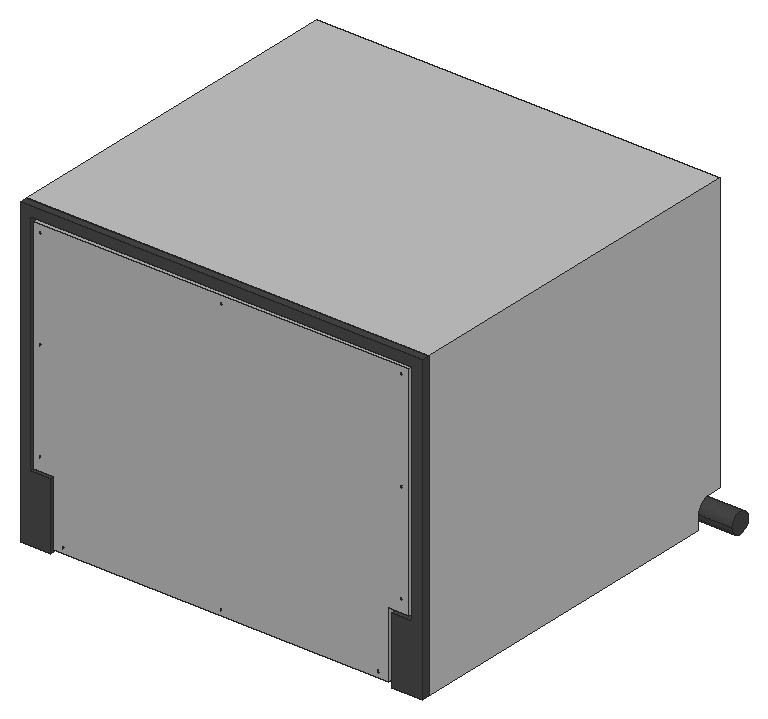
Revit family "FP_Revit_18_DD24SHTI9_N_DishDrawer_90000882A", category Specialty Equipment, Revit 2018
Family settings
  Round Connector Dimension = Use Diameter
  Part Type = Normal
  OmniClass Number = 23.40.40.14.31
  OmniClass Title = Cleaning and Disposal Equipment
  Work Plane-Based = No
  Always vertical = Yes
  Cut with Voids When Loaded = Yes
  Shared = No
  Room Calculation Point = No
Parameters (values of type "DD24SHTI9")
  Visibility - Handle = no
  Visibility - Door Panel = no
  Visibility - Clearance Required = yes
  URL = "www.fisherpaykel.com"
  Product - Width = 599 mm  # constant formula
  Product - Height = 454 mm  # constant formula
  Product - Depth = 553 mm  # constant formula
  Model = "DD24SHTI9"
  Material - Trim = Fisher & Paykel - Black
  Material - Door Structure = Fisher & Paykel - Aluminium
  Material - Door Front = Fisher & Paykel - Stainless Steel
  Material - Body = Fisher & Paykel - Grey
  Manufacturer = "Fisher & Paykel Appliances"
  FFL Offset [instance] = 406 mm
  Description = "Integrated Single DishDrawer"
  Connector Description - Water = "Supplied hose to suit 3⁄8” (9 mm) male compression fitting"
  Connector Description - Sanitary = "Drain Hose, No Fitting Required"
  Connector Description - Electrical = "110-120V, 15 A, fused electrical supply"
  Cavity - Width = 600 mm  # constant formula
  Cavity - Height = 456 mm  # constant formula
  Cavity - Depth = 560 mm  # constant formula
Types (3, lengths in mm): name | Model
  (no name) | "DD24SHTI9"
  DD24STI9 | "DD24STI9"
  DD24SHTI9 | "DD24SHTI9"
Reference planes
  plane 1 "Datum": y = 0
  plane 2: z = 0
  plane 3 "Center (Left/Right)": x = 0
  plane 4: z = 0
  plane 5 "Product LHS": x = -299.5
  plane 6 "Product RHS": x = 299.5
  plane 7 "Product - Depth": y = 553
  plane 8 "Cavity LHS": x = -300
  plane 9 "Cavity RHS": x = 300
  plane 10 "Cavity - Depth": y = 560
  plane 11 "Product Height": z = 860
  plane 12 "Cavity - Height": z = 862
  plane 13 "FFL Offset": z = 406
  plane 14 "Door Front": y = -18
Forms (mm)
  Extrusion 1, solid, material "Fisher & Paykel - Grey" <- "Material - Body"
    sketch origin (0, 0, 0) x (0, 1, 0) y (0, 0, 1)
      loop
        line (12, 860) -> (12, 406) -> (513, 406) -> (513, 426)
        arc (513, 426) -> (518.858, 440.142) -> (533, 446) r 20
        line (533, 446) -> (553, 446) -> (553, 860) -> (12, 860)
    from -299.5 to 299.5
  Extrusion 2, solid, material "Fisher & Paykel - Aluminium" <- "Material - Door Structure", detail levels fine
    sketch origin (0, 0, 0) x (1, 0, 0) y (0, 0, 1)
      loop
        line (-279.5, 840) -> (-279.5, 511) -> (-249.5, 511) -> (-249.5, 412.713) -> (249.5, 412.713) -> (249.5, 511) -> (279.5, 511) -> (279.5, 840) -> (-279.5, 840)
      loop
        circle (-269.5, 680) r 1.502
      loop
        circle (-234.5, 421) r 1.5
      loop
        circle (-269.5, 530) r 1.5
      loop
        circle (-269.5, 830) r 1.5
      loop
        circle (0, 830) r 1.5
      loop
        circle (269.5, 680) r 1.502
      loop
        circle (269.5, 530) r 1.5
      loop
        circle (269.5, 830) r 1.5
      loop
        circle (0, 421) r 1.5
      loop
        circle (234.5, 421) r 1.5
    from -12 to 0
  Sweep 3, solid, material "Fisher & Paykel - Black", detail levels medium+fine
    path origin (0, 539.813, 406) x (1, 0, 0) y (0, 0, 1)
      loop
        line (-119.5, 75) -> (-119.5, 45.438)
        arc (-119.5, 45.438) -> (-125.358, 31.295) -> (-139.5, 25.437) r 20
        line (-139.5, 25.437) -> (-349.5, 25.437)
    profile origin (-119.5, 539.813, 466.219) x (0, -1, 0) y (1, 0, 0)
      loop
        circle (0, 0) r 9
  Extrusion 4, solid, material "Fisher & Paykel - Clearance Required", visible <- "Visibility - Clearance Required", detail levels coarse
    sketch origin (0, 0, 0) x (0, 1, 0) y (0, 0, 1)
      loop
        line (-18, 406) -> (-18, 860) -> (-545, 860) -> (-545, 820.3) -> (-587, 820.3) -> (-587, 804.3) -> (-545, 804.3) -> (-545, 406) -> (-18, 406)
    from -300 to 300
  Extrusion 5, solid, material "Fisher & Paykel - Clearance Required", visible <- "Visibility - Clearance Required", detail levels coarse
    sketch origin (0, 0, 0) x (1, 0, 0) y (0, 1, 0)
      loop
        line (300, 560) -> (-300, 560) -> (-300, 0) -> (300, 0) -> (300, 560)
    from 406 to 862
  Extrusion 6, solid, material "Fisher & Paykel - Black" <- "Material - Trim"
    sketch origin (0, 0, 0) x (1, 0, 0) y (0, 0, 1)
      loop
        line (-299.5, 860) -> (-299.5, 406) -> (-254.5, 406) -> (-254.5, 506) -> (-283.999, 506) -> (-283.999, 845) -> (284, 845) -> (284, 506) -> (254.5, 506) -> (254.5, 406) -> (299.5, 406) -> (299.5, 860) -> (-299.5, 860)
    from -12 to 0
  Sweep 7, solid, material "Fisher & Paykel - Black", detail levels medium+fine
    path origin (0, 0, 0) x (1, 0, 0) y (0, 1, 0)
      loop
        line (199.5, 513) -> (199.5, 514)
        arc (199.5, 514) -> (204.04, 524.96) -> (215, 529.5) r 15.5
        line (215, 529.5) -> (349.5, 529.5)
    profile origin (199.5, 513.5, 0) x (-1, 0, 0) y (0, 0, 1)
      loop
        circle (0, 427) r 15
  Sweep 8, solid, material "Fisher & Paykel - Black", detail levels medium+fine
    path origin (0, 0, 0) x (1, 0, 0) y (0, 1, 0)
      loop
        line (-33.982, 513) -> (-33.982, 516.982)
        arc (-33.982, 516.982) -> (-35.886, 521.579) -> (-40.482, 523.482) r 6.5
        line (-40.482, 523.482) -> (-349.5, 523.482)
    profile origin (-194.991, 523.482, 0) x (0, -1, 0) y (0, 0, 1)
      loop
        circle (0, 417.016) r 4
  Sweep 9, solid, material "Fisher & Paykel - Black", detail levels medium+fine
    path origin (0, 0, 0) x (1, 0, 0) y (0, 1, 0)
      loop
        line (-349.5, 522.999) -> (-215.482, 522.999)
        arc (-215.482, 522.999) -> (-211.239, 521.242) -> (-209.482, 516.999) r 6
        line (-209.482, 516.999) -> (-209.482, 513)
    profile origin (-209.482, 514.999, 0) x (1, 0, 0) y (0, 0, 1)
      loop
        circle (0, 426.938) r 5
  Extrusion 10, solid, material "Fisher & Paykel - Black", detail levels fine
    sketch origin (0, 0, 406) x (1, 0, 0) y (0, 0, 1)
      loop
        line (-27.5, 18) -> (-41.5, 18) -> (-41.5, 4) -> (-27.5, 4) -> (-27.5, 18)
    from -518 to -513
  Extrusion 11, void
    sketch origin (0, 0, 0) x (1, 0, 0) y (0, 1, 0)
      loop
        line (-300, 560) -> (-300, -18) -> (300, -18) -> (300, 560) -> (-300, 560)
    from 406 to 862
  Extrusion 12, solid, material "Fisher & Paykel - Stainless Steel" <- "Material - Door Front", visible <- "Visibility - Door Panel"
    sketch origin (0, 0, 0) x (1, 0, 0) y (0, 1, 0)
      loop
        line (297.5, 0) -> (-297.5, 0) -> (-297.5, -18) -> (297.5, -18) -> (297.5, 0)
    from 408 to 860
  Extrusion 13, void
    sketch origin (0, 0, 0) x (1, 0, 0) y (0, 0, 1)
      loop
        line (-9.5, 511) -> (-229.5, 511) -> (-229.5, 446) -> (-9.5, 446) -> (-9.5, 511)
    from -553 to -550
  Sweep 14, solid, material "Fisher & Paykel - Black", not visible, detail levels medium+fine
    path origin (0, 539.813, 1000) x (1, 0, 0) y (0, 0, 1)
      loop
        line (-119.5, 75) -> (-119.5, 45.438)
        arc (-119.5, 45.438) -> (-125.358, 31.295) -> (-139.5, 25.437) r 20
        line (-139.5, 25.437) -> (-349.5, 25.437)
    profile origin (-119.5, 539.813, 1060.219) x (0, -1, 0) y (1, 0, 0)
      loop
        circle (0, 0) r 9
  Sweep 15, solid, material "Fisher & Paykel - Black", not visible, detail levels medium+fine
    path origin (0, 0, 594) x (1, 0, 0) y (0, 1, 0)
      loop
        line (199.5, 513) -> (199.5, 514)
        arc (199.5, 514) -> (204.04, 524.96) -> (215, 529.5) r 15.5
        line (215, 529.5) -> (349.5, 529.5)
    profile origin (199.5, 513.5, 594) x (-1, 0, 0) y (0, 0, 1)
      loop
        circle (0, 427) r 15
  Sweep 16, solid, material "Fisher & Paykel - Black", not visible, detail levels medium+fine
    path origin (0, 0, 594) x (1, 0, 0) y (0, 1, 0)
      loop
        line (-33.982, 513) -> (-33.982, 516.982)
        arc (-33.982, 516.982) -> (-35.886, 521.579) -> (-40.482, 523.482) r 6.5
        line (-40.482, 523.482) -> (-349.5, 523.482)
    profile origin (-194.991, 523.482, 594) x (0, -1, 0) y (0, 0, 1)
      loop
        circle (0, 417.016) r 4
  Sweep 17, solid, material "Fisher & Paykel - Black", not visible, detail levels medium+fine
    path origin (0, 0, 594) x (1, 0, 0) y (0, 1, 0)
      loop
        line (-349.5, 522.999) -> (-215.482, 522.999)
        arc (-215.482, 522.999) -> (-211.239, 521.242) -> (-209.482, 516.999) r 6
        line (-209.482, 516.999) -> (-209.482, 513)
    profile origin (-209.482, 514.999, 594) x (1, 0, 0) y (0, 0, 1)
      loop
        circle (0, 426.938) r 5
  Extrusion 18, solid, material "Fisher & Paykel - Black", not visible, detail levels fine
    sketch origin (0, 0, 1000) x (1, 0, 0) y (0, 0, 1)
      loop
        line (-27.5, 18) -> (-41.5, 18) -> (-41.5, 4) -> (-27.5, 4) -> (-27.5, 18)
    from -518 to -513
Cuts and joins
  Extrusion 13 cuts Extrusion 2
  Extrusion 13 cuts Extrusion 4
  Extrusion 13 cuts Extrusion 12
  Extrusion 13 cuts Extrusion 1
Lines and regions (mm)
  model lines, style "Fisher & Paykel"
    curve 1: line (-297.5, 0, 860) -> (297.5, 0, 860)
    curve 2: line (-297.5, 0, 408) -> (-297.5, 0, 860)
    curve 3: line (297.5, 0, 408) -> (-297.5, 0, 408)
    curve 4: line (297.5, 0, 860) -> (297.5, 0, 408)
  model lines
    curve 5: line (-297.5, 0, 860) -> (297.5, 0, 860)
    curve 6: line (-297.5, 0, 408) -> (-297.5, 0, 860)
    curve 7: line (297.5, 0, 408) -> (-297.5, 0, 408)
    curve 8: line (297.5, 0, 860) -> (297.5, 0, 408)
  model lines, style "Fisher & Paykel", not visible
    curve 9: line (297.5, 0, 1002) -> (-297.5, 0, 1002)
  model lines, not visible
    curve 10: line (297.5, 0, 1002) -> (-297.5, 0, 1002)
Text (mm)
  text "Due to ongoing product development, product details are subject to change without notice. \nPlease always refer to www.fisherpaykel.com for the most current product information. \n© Fisher & Paykel 2020" at (41.04, -647.69, 0), in view "Ref. Level (Plan)"
Dimensions and locks
  equal spacing: plane 5 "Product LHS", plane 3 "Center (Left/Right)", plane 6 "Product RHS"
  "Product - Width": plane 5 "Product LHS" to plane 6 "Product RHS"
  "Product - Depth": plane 1 "Datum" to plane 7 "Product - Depth"
  equal spacing: plane 8 "Cavity LHS", plane 3 "Center (Left/Right)", plane 9 "Cavity RHS"
  "Cavity - Width": plane 8 "Cavity LHS" to plane 9 "Cavity RHS"
  "Cavity - Depth": plane 10 "Cavity - Depth" to plane 1 "Datum"
  "FFL Offset": plane 13 "FFL Offset" to level
  "Product - Height": plane 11 "Product Height" to plane 13 "FFL Offset"
  "Cavity - Height": plane 13 "FFL Offset" to plane 12 "Cavity - Height"
  locked: plane 11 "Product Height" to nested 1 at 39.7
  locked: plane 13 "FFL Offset" to cut or joined group of Extrusion 12, Extrusion 13 at 2
  locked: Extrusion 2 sketch curve to plane 13 "FFL Offset" at 6.713
  locked: cut or joined group of Extrusion 1, Extrusion 13 to Extrusion 13 sketch curve at 65
  locked: cut or joined group of Extrusion 12, Extrusion 13 to plane 13 "FFL Offset" at 2
  locked: plane 13 "FFL Offset" to Sweep 3 at 75
  locked: Extrusion 1 sketch curve to plane 13 "FFL Offset" at 40
  aligned and locked: level to plane 2
  aligned and locked: Extrusion 5 sketch curve to plane 8 "Cavity LHS"
  aligned and locked: plane 1 "Datum" to Extrusion 5 sketch curve
  aligned and locked: Extrusion 5 sketch curve to plane 9 "Cavity RHS"
  aligned and locked: Extrusion 4 to plane 13 "FFL Offset"
  aligned and locked: cut or joined group of Extrusion 4, Extrusion 13 to Extrusion 5
  aligned and locked: Extrusion 5 to plane 12 "Cavity - Height"
  aligned and locked: Extrusion 5 to Extrusion 1
  aligned and locked: plane 11 "Product Height" to Extrusion 1
  aligned and locked: Extrusion 6 sketch curve to plane 13 "FFL Offset"
  aligned and locked: Extrusion 6 sketch curve to Extrusion 6 sketch curve
  aligned and locked: plane 11 "Product Height" to Extrusion 12
  aligned and locked: cut or joined group of Extrusion 1, Extrusion 13 to Extrusion 13 sketch curve
  aligned and locked: Extrusion 2 sketch curve to Extrusion 2 sketch curve
  aligned and locked: Extrusion 11 to Extrusion 5  (x2)
Automatic sketch dimensions
  Sweep 3 sketch curve to profile plane = 0 mm
  profile plane to Sweep 3 sketch curve = 0 mm
  Sweep 3 sketch curve to Sweep 3 sketch curve = 20 mm
  Sweep 3 sketch curve to Sweep 3 sketch curve = 29.562 mm
  Sweep 7 sketch curve to profile plane = 0 mm
  Sweep 7 sketch curve to Sweep 7 sketch curve = 15.5 mm
  Sweep 7 sketch curve to Sweep 7 sketch curve = 1 mm
  Sweep 8 sketch curve to Sweep 8 sketch curve = 3.982 mm
  Sweep 8 sketch curve to Sweep 8 sketch curve = 6.5 mm
  Sweep 8 sketch curve to profile plane = 0 mm
  Sweep 9 sketch curve to Sweep 9 sketch curve = 6 mm
  Sweep 9 sketch curve to Sweep 9 sketch curve = 3.999 mm
  profile plane to Sweep 9 sketch curve = 0 mm
  Extrusion 10 sketch curve to Extrusion 10 sketch curve = 14 mm  (x2)
  Extrusion 5 sketch curve to plane 10 "Cavity - Depth" = 0 mm
  plane 1 "Datum" to Extrusion 11 sketch curve = 18 mm
  Extrusion 11 sketch curve to plane 8 "Cavity LHS" = 0 mm
  Extrusion 11 sketch curve to plane 9 "Cavity RHS" = 0 mm
  Extrusion 11 sketch curve to plane 10 "Cavity - Depth" = 0 mm
  plane 1 "Datum" to Extrusion 12 sketch curve = 0 mm
  plane 9 "Cavity RHS" to Extrusion 12 sketch curve = 597.5 mm
  plane 1 "Datum" to Extrusion 12 sketch curve = 18 mm
  Extrusion 12 sketch curve to Extrusion 12 sketch curve = 595 mm
  Extrusion 4 sketch curve to plane 11 "Product Height" = 0 mm
  level to Extrusion 4 sketch curve = 406 mm
  plane 1 "Datum" to Extrusion 4 sketch curve = 587 mm
  Extrusion 4 sketch curve to Extrusion 4 sketch curve = 42 mm  (x2)
  plane 1 "Datum" to Extrusion 4 sketch curve = 18 mm
  Extrusion 4 sketch curve to Extrusion 4 sketch curve = 16 mm
  Extrusion 4 sketch curve to Extrusion 4 sketch curve = 55.7 mm
  plane 11 "Product Height" to Extrusion 1 sketch curve = 0 mm
  Extrusion 1 sketch curve to plane 7 "Product - Depth" = 0 mm
  Extrusion 1 sketch curve to Extrusion 1 sketch curve = 20 mm  (x2)
  Extrusion 1 sketch curve to plane 1 "Datum" = 12 mm
  curve 6 to plane 11 "Product Height" = 0 mm
  curve 1 to plane 5 "Product LHS" = 2 mm
  plane 6 "Product RHS" to curve 5 = 2 mm
  Extrusion 1 sketch curve to plane 13 "FFL Offset" = 0 mm
  plane 5 "Product LHS" to Extrusion 6 sketch curve = 0 mm
  plane 6 "Product RHS" to Extrusion 6 sketch curve = 0 mm
  Extrusion 6 sketch curve to plane 5 "Product LHS" = 15.501 mm
  Extrusion 6 sketch curve to Extrusion 6 sketch curve = 29.499 mm
  plane 6 "Product RHS" to Extrusion 6 sketch curve = 45 mm
  plane 6 "Product RHS" to Extrusion 6 sketch curve = 15.5 mm
  plane 13 "FFL Offset" to Extrusion 6 sketch curve = 100 mm  (x2)
  Extrusion 6 sketch curve to plane 11 "Product Height" = 15 mm
  plane 11 "Product Height" to Extrusion 6 sketch curve = 0 mm
  Extrusion 13 sketch curve to plane 5 "Product LHS" = 70 mm
  Extrusion 13 sketch curve to plane 3 "Center (Left/Right)" = 9.5 mm
  plane 13 "FFL Offset" to curve 6 = 2 mm
  plane 13 "FFL Offset" to curve 4 = 2 mm
  Sweep 3 sketch curve to Sweep 3 sketch curve = 210 mm
  Sweep 7 sketch curve to Sweep 7 sketch curve = 134.5 mm
  profile plane to Sweep 7 sketch curve = 427 mm
  Sweep 8 sketch curve to Sweep 8 sketch curve = 309.018 mm
  profile plane to Sweep 8 sketch curve = 417.016 mm
  Sweep 9 sketch curve to Sweep 9 sketch curve = 134.018 mm
  profile plane to Sweep 9 sketch curve = 426.938 mm
  Sweep 14 sketch curve to profile plane = 0 mm
  profile plane to Sweep 14 sketch curve = 0 mm
  Sweep 14 sketch curve to Sweep 14 sketch curve = 20 mm
  Sweep 14 sketch curve to Sweep 14 sketch curve = 29.562 mm
  Sweep 15 sketch curve to profile plane = 0 mm
  Sweep 15 sketch curve to Sweep 15 sketch curve = 15.5 mm
  Sweep 15 sketch curve to Sweep 15 sketch curve = 1 mm
  Sweep 16 sketch curve to Sweep 16 sketch curve = 3.982 mm
  Sweep 16 sketch curve to Sweep 16 sketch curve = 6.5 mm
  Sweep 16 sketch curve to profile plane = 0 mm
  Sweep 17 sketch curve to Sweep 17 sketch curve = 6 mm
  Sweep 17 sketch curve to Sweep 17 sketch curve = 3.999 mm
  profile plane to Sweep 17 sketch curve = 0 mm
  Extrusion 18 sketch curve to Extrusion 18 sketch curve = 14 mm  (x2)
  Sweep 14 sketch curve to Sweep 14 sketch curve = 210 mm
  Sweep 15 sketch curve to Sweep 15 sketch curve = 134.5 mm
  profile plane to Sweep 15 sketch curve = 427 mm
  Sweep 16 sketch curve to Sweep 16 sketch curve = 309.018 mm
  profile plane to Sweep 16 sketch curve = 417.016 mm
  Sweep 17 sketch curve to Sweep 17 sketch curve = 134.018 mm
  profile plane to Sweep 17 sketch curve = 426.938 mm
  Extrusion 2 sketch curve to plane 3 "Center (Left/Right)" = 0 mm  (x2)
  plane 13 "FFL Offset" to Extrusion 2 sketch curve = 15 mm  (x3)
  Extrusion 2 sketch curve to plane 5 "Product LHS" = 65 mm
  Extrusion 2 sketch curve to Extrusion 2 sketch curve = 15 mm
  Extrusion 2 sketch curve to plane 5 "Product LHS" = 30 mm  (x2)
  Extrusion 2 sketch curve to Extrusion 2 sketch curve = 20 mm  (x2)
  Extrusion 2 sketch curve to plane 5 "Product LHS" = 20 mm
  plane 6 "Product RHS" to Extrusion 2 sketch curve = 65 mm
  plane 6 "Product RHS" to Extrusion 2 sketch curve = 50 mm
  plane 6 "Product RHS" to Extrusion 2 sketch curve = 30 mm  (x2)
  Extrusion 2 sketch curve to Extrusion 2 sketch curve = 10 mm  (x2)
  Extrusion 2 sketch curve to Extrusion 2 sketch curve = 90 mm
  Extrusion 2 sketch curve to Extrusion 2 sketch curve = 19 mm  (x2)
  Extrusion 2 sketch curve to Extrusion 2 sketch curve = 150 mm  (x2)
  Extrusion 2 sketch curve to plane 11 "Product Height" = 30 mm  (x3)
  radius of Sweep 3 sketch curve = 9 mm
  radius of Sweep 7 sketch curve = 15 mm
  radius of Sweep 8 sketch curve = 4 mm
  radius of Sweep 9 sketch curve = 5 mm
  radius of Sweep 14 sketch curve = 9 mm
  radius of Sweep 15 sketch curve = 15 mm
  radius of Sweep 16 sketch curve = 4 mm
  radius of Sweep 17 sketch curve = 5 mm
  radius of Extrusion 2 sketch curve = 1.502 mm  (x2)
  radius of Extrusion 2 sketch curve = 1.5 mm  (x8)
Nested families
  nested 1: "F&P Handle Contemporary Square - Horizontal" at (0, -18, 812.322), visible <- "Visibility - Handle", type "565mm"
Connectors
  piping at (-349.5, 539.813, 431.437), diameter 15.9, driven by "Connector Description - Sanitary"
    settings: on Sweep 3, index 4, connector inside diameter 609.6 mm, connector length 0 mm, flow factor 0, pipe flow 0.0 L/s, pressure drop 0.0 Pa, fitting loss kfactor 0, connector angle 0.00°, fixture units 0, engagement length 0 mm, angle of deflection 0.00°, flow configuration 0, flow direction 2, fitting loss method 0, system type 16, joint type 0, gender type 0, connector reference index -1, connector utility 0, adjustable connector no, is connector primary yes, connector description "Drain Hose, No Fitting Required"
  piping at (349.5, 529.5, 427), diameter 30
    settings: on Sweep 7, index 5, connector inside diameter 609.6 mm, connector length 0 mm, flow factor 0, pipe flow 0.0 L/s, pressure drop 0.0 Pa, fitting loss kfactor 0, connector angle 0.00°, fixture units 0, engagement length 0 mm, angle of deflection 0.00°, flow configuration 0, flow direction 2, fitting loss method 0, system type 17, joint type 0, gender type 0, connector reference index -1, connector utility 0, adjustable connector no, is connector primary no, connector description "Vent hose for Fan Assisted Drying"
  piping at (-349.5, 522.999, 426.938), diameter 10, driven by "Connector Description - Water"
    settings: on Sweep 9, index 6, connector inside diameter 609.6 mm, connector length 0 mm, flow factor 0, pipe flow 0.0 L/s, pressure drop 0.0 Pa, fitting loss kfactor 0, connector angle 0.00°, fixture units 0, engagement length 0 mm, angle of deflection 0.00°, flow configuration 0, flow direction 1, fitting loss method 0, system type 20, joint type 0, gender type 0, connector reference index -1, connector utility 0, adjustable connector no, is connector primary no, connector description "Supplied hose to suit 3⁄8” (9 mm) male compression fitting"
  electrical at (-349.5, 523.482, 417.016), driven by "Connector Description - Electrical"
    settings: on Sweep 8, index 7, voltage 120 V, apparent load 0 VA, apparent load phase1 0 VA, apparent load phase2 0 VA, apparent load phase3 0 VA, power factor 1, load classification "Other", number of poles 1, system type 30, power factor state 1, is connector primary yes, connector utility no, sub classification motor no, connector description "110-120V, 15 A, fused electrical supply"
Definition of nested family "F&P Handle Contemporary Square - Horizontal"
  Parameters (values of type "565mm")
    URL = "www.fisherpaykel.com"
    Material - Handle = none
    Manufacturer = "Fisher & Paykel Appliances"
    Handle - Standoff = 100 mm
    Handle - Length = 565 mm
  Reference planes
    plane 1 "Center (Front/Back)": y = 0
    plane 2: z = 0
    plane 3 "Center (Left/Right)": x = 0
    plane 4 "Product LHS": x = -282.5
    plane 5 "Product RHS": x = 282.5
    plane 6 "LHS Standoff": x = -182.5
    plane 7 "RHS Standoff": x = 182.5
  Forms (mm)
    Extrusion 1, solid, material <- "Material - Handle", detail levels fine
      sketch origin (0, 0, 0) x (0, 1, 0) y (0, 0, 1)
        loop
          arc (-27.701, 7.561) -> (-28.057, 7.868) -> (-28.514, 7.978) r 1
          line (-28.514, 7.978) -> (-39.5, 7.978)
          arc (-39.5, 7.978) -> (-40.561, 7.539) -> (-41, 6.478) r 1.5
          line (-41, 6.478) -> (-41, -6.522)
          arc (-41, -6.522) -> (-40.561, -7.583) -> (-39.5, -8.022) r 1.5
          line (-39.5, -8.022) -> (-28.487, -8.022)
          arc (-28.487, -8.022) -> (-28.029, -7.911) -> (-27.673, -7.602) r 1
          arc (-27.673, -7.602) -> (-25.256, -0.016) -> (-27.701, 7.561) r 13.038
      from -282.5 to 282.5
    Extrusion 2, solid, material <- "Material - Handle", detail levels fine
      sketch origin (0, 0, 0) x (0, 1, 0) y (0, 0, 1)
        loop
          arc (-27.23, 7.062) -> (-25.156, 0.008) -> (-27.198, -7.056) r 13.136
          arc (-27.198, -7.056) -> (-27.21, -7.463) -> (-26.86, -7.67) r 0.4
          line (-26.86, -7.67) -> (0, -7.67) -> (0, 7.678) -> (-26.893, 7.678)
          arc (-26.893, 7.678) -> (-27.244, 7.47) -> (-27.23, 7.062) r 0.4
      from 182.5 to 282.5
    Extrusion 3, solid, material <- "Material - Handle", detail levels fine
      sketch origin (0, 0, 0) x (0, 1, 0) y (0, 0, -1)
        loop
          arc (-27.23, -7.062) -> (-27.244, -7.47) -> (-26.893, -7.678) r 0.4
          line (-26.893, -7.678) -> (0, -7.678) -> (0, 7.67) -> (-26.86, 7.67)
          arc (-26.86, 7.67) -> (-27.21, 7.463) -> (-27.198, 7.056) r 0.4
          arc (-27.198, 7.056) -> (-25.156, -0.008) -> (-27.23, -7.062) r 13.136
      from 182.5 to 282.5
    Sweep 4, void
      path in 3D
        loop
          line (282.5, -28.514, 7.978) -> (282.5, -39.5, 7.978)
          arc (282.5, -39.5, 7.978) -> (282.5, -40.561, 7.539) -> (282.5, -41, 6.478) r 1.5
          line (282.5, -41, 6.478) -> (282.5, -41, -6.522)
          arc (282.5, -41, -6.522) -> (282.5, -40.561, -7.583) -> (282.5, -39.5, -8.022) r 1.5
          line (282.5, -39.5, -8.022) -> (282.5, -28.487, -8.022)
      profile origin (282.5, -34.007, 7.978) x (1, 0, 0) y (0, 0, 1)
        loop
          line (0, 0) -> (-1.3, 0) -> (0, -1.3) -> (0, 0)
    Sweep 5, void
      path in 3D
        loop
          line (-282.5, -28.487, -8.022) -> (-282.5, -39.5, -8.022)
          arc (-282.5, -39.5, -8.022) -> (-282.5, -40.561, -7.583) -> (-282.5, -41, -6.522) r 1.5
          line (-282.5, -41, -6.522) -> (-282.5, -41, 6.478)
          arc (-282.5, -41, 6.478) -> (-282.5, -40.561, 7.539) -> (-282.5, -39.5, 7.978) r 1.5
          line (-282.5, -39.5, 7.978) -> (-282.5, -28.514, 7.978)
      profile origin (-282.5, -34.007, 7.978) x (-1, 0, 0) y (0, 0, 1)
        loop
          line (0, 0) -> (-1.3, 0) -> (0, -1.3) -> (0, 0)
    Extrusion 6, void
      sketch origin (0, 0, 0) x (1, 0, 0) y (0, 0, 1)
        loop
          line (282.5, 7.978) -> (281.2, 7.978) -> (282.5, 6.678) -> (282.5, 7.978)
        loop
          line (282.5, -8.022) -> (282.5, -6.722) -> (281.2, -8.022) -> (282.5, -8.022)
      from 0 to 28.514
    Extrusion 7, void
      sketch origin (0, 0, 0) x (1, 0, 0) y (0, 0, 1)
        loop
          line (-282.5, 7.978) -> (-282.5, 6.678) -> (-281.2, 7.978) -> (-282.5, 7.978)
        loop
          line (-282.5, -8.022) -> (-281.2, -8.022) -> (-282.5, -6.722) -> (-282.5, -8.022)
      from 0 to 28.487
    Extrusion 8, solid, material <- "Material - Handle", detail levels coarse+medium
      sketch origin (0, 0, 0) x (1, 0, 0) y (0, 1, 0)
        loop
          line (-282.5, -41) -> (282.5, -41) -> (282.5, 0) -> (182.5, 0) -> (182.5, -26.156) -> (-182.5, -26.156) -> (-182.5, 0) -> (-282.5, 0) -> (-282.5, -41)
      from -8.022 to 7.978
  Cuts and joins
    Sweep 4, Sweep 5, Extrusion 6, Extrusion 7 cuts Extrusion 1
    Extrusion 6 cuts Extrusion 2
    Extrusion 7 cuts Extrusion 3
  Lines and regions (mm)
    sketch lines
      curve 1: line (282.5, -28.514, 7.978) -> (282.5, -39.5, 7.978)
      curve 2: arc (282.5, -41, 6.478) -> (282.5, -40.561, 7.539) -> (282.5, -39.5, 7.978) r 1.5
      curve 3: line (282.5, -41, 6.478) -> (282.5, -41, -6.522)
      curve 4: arc (282.5, -39.5, -8.022) -> (282.5, -40.561, -7.583) -> (282.5, -41, -6.522) r 1.5
      curve 5: line (282.5, -39.5, -8.022) -> (282.5, -28.487, -8.022)
      curve 6: line (-282.5, -39.5, 7.978) -> (-282.5, -28.514, 7.978)
      curve 7: arc (-282.5, -39.5, 7.978) -> (-282.5, -40.561, 7.539) -> (-282.5, -41, 6.478) r 1.5
      curve 8: line (-282.5, -41, -6.522) -> (-282.5, -41, 6.478)
      curve 9: arc (-282.5, -41, -6.522) -> (-282.5, -40.561, -7.583) -> (-282.5, -39.5, -8.022) r 1.5
      curve 10: line (-282.5, -28.487, -8.022) -> (-282.5, -39.5, -8.022)
  Dimensions and locks
    equal spacing: plane 4 "Product LHS", plane 3 "Center (Left/Right)", plane 5 "Product RHS"
    "Handle - Length": plane 4 "Product LHS" to plane 5 "Product RHS"
    "Handle - Standoff": plane 4 "Product LHS" to plane 6 "LHS Standoff"
    "Handle - Standoff": plane 7 "RHS Standoff" to plane 5 "Product RHS"
    Extrusion 8 to plane 1 "Center (Front/Back)" = 41 mm
    aligned and locked: level to plane 2
    aligned and locked: Extrusion 1 to plane 5 "Product RHS"
    aligned and locked: plane 4 "Product LHS" to Extrusion 1
    aligned and locked: Extrusion 2 to plane 5 "Product RHS"
    aligned and locked: plane 4 "Product LHS" to Extrusion 3
    aligned and locked: plane 4 "Product LHS" to Extrusion 8 sketch curve
    aligned and locked: Extrusion 8 sketch curve to plane 5 "Product RHS"
    aligned and locked: Extrusion 8 sketch curve to plane 7 "RHS Standoff"
    aligned and locked: plane 6 "LHS Standoff" to Extrusion 8 sketch curve
    aligned and locked: Extrusion 2 to plane 7 "RHS Standoff"
    aligned and locked: plane 6 "LHS Standoff" to Extrusion 3
  Automatic sketch dimensions
    Extrusion 1 sketch curve to level = 6.522 mm
    plane 1 "Center (Front/Back)" to Extrusion 1 sketch curve = 41 mm
    Extrusion 1 sketch curve to Extrusion 1 sketch curve = 1.5 mm  (x2)
    Extrusion 1 sketch curve to level = 0.04 mm
    Extrusion 1 sketch curve to Extrusion 1 sketch curve = 1.206 mm
    level to Extrusion 1 sketch curve = 6.978 mm
    Extrusion 1 sketch curve to Extrusion 1 sketch curve = 10.986 mm
    Extrusion 1 sketch curve to Extrusion 1 sketch curve = 11.013 mm
    Extrusion 1 sketch curve to Extrusion 1 sketch curve = 1 mm
    level to Extrusion 1 sketch curve = 6.478 mm
    Extrusion 1 sketch curve to Extrusion 1 sketch curve = 0 mm
    Extrusion 2 sketch curve to plane 1 "Center (Front/Back)" = 0 mm
    Extrusion 2 sketch curve to level = 7.67 mm
    Extrusion 2 sketch curve to Extrusion 2 sketch curve = 26.86 mm
    level to Extrusion 2 sketch curve = 7.678 mm
    Extrusion 2 sketch curve to Extrusion 2 sketch curve = 0.033 mm
    Extrusion 2 sketch curve to level = 0.022 mm
    Extrusion 2 sketch curve to Extrusion 2 sketch curve = 11.398 mm
    Extrusion 2 sketch curve to Extrusion 2 sketch curve = 0.4 mm  (x2)
    Extrusion 2 sketch curve to Extrusion 2 sketch curve = 0 mm
    Extrusion 3 sketch curve to plane 1 "Center (Front/Back)" = 0 mm
    Extrusion 3 sketch curve to level = 7.67 mm
    Extrusion 3 sketch curve to Extrusion 3 sketch curve = 26.86 mm
    level to Extrusion 3 sketch curve = 7.678 mm
    Extrusion 3 sketch curve to Extrusion 3 sketch curve = 0.033 mm
    Extrusion 3 sketch curve to level = 0.022 mm
    Extrusion 3 sketch curve to Extrusion 3 sketch curve = 11.398 mm
    Extrusion 3 sketch curve to Extrusion 3 sketch curve = 0.4 mm  (x2)
    Extrusion 3 sketch curve to Extrusion 3 sketch curve = 0 mm
    profile plane to Sweep 4 sketch curve = 0 mm
    Sweep 4 sketch curve to profile plane = 0 mm
    Sweep 4 sketch curve to profile plane = 1.3 mm
    profile plane to Sweep 4 sketch curve = 1.3 mm
    Sweep 5 sketch curve to profile plane = 0 mm  (x2)
    profile plane to Sweep 5 sketch curve = 1.3 mm
    Sweep 5 sketch curve to profile plane = 1.3 mm
    plane 5 "Product RHS" to Extrusion 6 sketch curve = 0 mm  (x2)
    Extrusion 6 sketch curve to Extrusion 6 sketch curve = 1.3 mm  (x4)
    Extrusion 6 sketch curve to level = 6.722 mm
    level to Extrusion 6 sketch curve = 6.678 mm
    plane 4 "Product LHS" to Extrusion 7 sketch curve = 0 mm  (x2)
    Extrusion 7 sketch curve to plane 4 "Product LHS" = 1.3 mm  (x2)
    Extrusion 7 sketch curve to level = 8.022 mm
    level to Extrusion 7 sketch curve = 6.678 mm
    Extrusion 7 sketch curve to Extrusion 7 sketch curve = 1.3 mm  (x2)
    plane 1 "Center (Front/Back)" to Extrusion 8 sketch curve = 0 mm  (x2)
    Extrusion 8 sketch curve to Extrusion 8 sketch curve = 26.156 mm
    Extrusion 8 sketch curve to Extrusion 8 sketch curve = 41 mm
